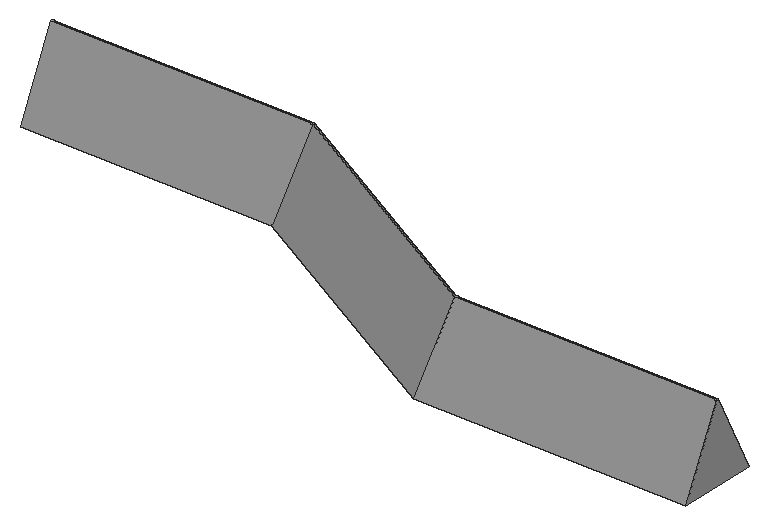
Revit family "Armeret_BetonZig-Zag_80mm_p_i_t_1131121", category Generic Models, Revit 2019
Family settings
  Can host rebar = No
  Round Connector Dimension = Use Diameter
  Part Type = Normal
  Work Plane-Based = Yes
  Always vertical = No
  Cut with Voids When Loaded = No
  Shared = No
  Room Calculation Point = No
Parameters (values of type "80 mm")
  concrete = Concrete
  Website Link = "https://haucon.dk/produkt/armeret-beton-zig-zag/#variations"
  Total Length = 800 mm
  Technical Data Sheet = "https://haucon.dk/wp-content/uploads/2016/04/1131090-Beton-zig-zag-TDS-DK.pdf"
  Default Elevation = 1219.2 mm
  Armerment width = 80 mm
  Armerment Height = Armerment width  # 80 mm
Types (13, lengths in mm): name | Armerment width | Armerment Height
  35 mm | 35 | 35
  55 mm | 55 | 55
  40 mm | 40 | 40
  45 mm | 45 | 45
  50 mm | 50 | 50
  60 mm | 60 | 60
  25 mm | 25 | 25
  30 mm | 30 | 30
  70 mm | 70 | 70
  75 mm | 75 | 75
  80 mm | 80 | 80
  90 mm | 90 | 90
  100 mm | 100 | 100
Reference planes
  plane 1 "Center (Front/Back)": y = 0
  plane 2: z = 0
  plane 3 "Center (Left/Right)": x = 0
  plane 4: y = 40
  plane 5: y = -40
  plane 6: z = 80
  plane 7: x = 266.667
  plane 8: x = 533.333
  plane 9: x = 800
Forms (mm)
  Sweep 1, solid, material "Concrete" <- "concrete"
    path origin (135, 0, 0) x (1, 0, 0) y (0, 1, 0)
      loop
        line (-135, 0) -> (132.554, 0) -> (397.446, -149.776) -> (665, -149.776)
    profile origin (133.777, 0, 0) x (0, 1, 0) y (0, 0, 1)
      loop
        line (40, 0) -> (0.856, 79.544)
        arc (0.856, 79.544) -> (0, 79.98) -> (-0.856, 79.544) r 1.059
        line (-0.856, 79.544) -> (-40, 0) -> (40, 0)
Dimensions and locks
  equal spacing: plane 4, plane 1 "Center (Front/Back)", plane 5
  "Armerment width": plane 4 to plane 5
  "Armerment Height": level to plane 6
  "Total Length": plane 3 "Center (Left/Right)" to plane 9
  equal spacing: plane 3 "Center (Left/Right)", plane 7, plane 8, plane 9
  aligned and locked: level to plane 2
  aligned and locked: level to Sweep 1 sketch curve
  aligned and locked: plane 3 "Center (Left/Right)" to Sweep 1
  aligned and locked: plane 9 to Sweep 1 sketch curve
Automatic sketch dimensions
  plane 1 "Center (Front/Back)" to Sweep 1 sketch curve = 0 mm
  Sweep 1 sketch curve to plane 3 "Center (Left/Right)" = 0 mm
  Sweep 1 sketch curve to plane 7 = 0.887 mm
  plane 8 to Sweep 1 sketch curve = 0.887 mm
  plane 1 "Center (Front/Back)" to Sweep 1 sketch curve = 149.776 mm
  Sweep 1 sketch curve to plane 5 = 0 mm
  Sweep 1 sketch curve to profile plane = 0 mm
  Sweep 1 sketch curve to plane 4 = 0 mm
  plane 6 to Sweep 1 sketch curve = 0.456 mm  (x2)
  profile plane to Sweep 1 sketch curve = 0.856 mm
  Sweep 1 sketch curve to Sweep 1 sketch curve = 0.623 mm
